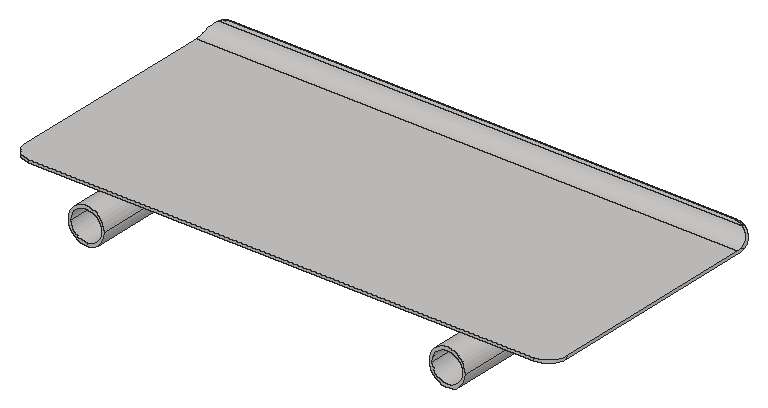
Revit family "DAN DRYER STAINLESS DESIGN 305", category Casework, host Wall, Revit 2018
Family settings
  Host = Wall
  OmniClass Number = 23.40.35.00
  OmniClass Title = Casework
  Always vertical = Yes
  Cut with Voids When Loaded = No
  Shared = No
  Room Calculation Point = No
Parameters (values of type "305")
  URL = "https://www.dandryer.com/Files/Billeder/PDF/Datablade/Nye/Data%20sheet%20DAN%20DRYER%20STAINLESS%20STEEL%20shelf%20305.pdf"
  Model = "Stainless Design - 305"
  Manufacturer = "Dan Dryer"
  Height Offset [instance] = 1300 mm
  Description = "Shelf"
Reference planes
  plane 1: y = 0
  plane 2 "Center (Left/Right)": x = 125
  plane 3 "Back": y = 75
Text (mm)
  text "Placement side" at (-1343.702, 674.496, 0), in view "Ref. Level"
  text "Placement side" at (0, 1232.041, 2958.779), in view "Left"
  text "Placement side" at (0, 590.385, 3035.99), in view "Right"
Dimensions and locks
  locked: plane 3 "Back" to host wall at 0
  aligned and locked: plane 1 to host wall
  aligned and locked: plane 2 "Center (Left/Right)" to nested 1
  aligned and locked: plane 3 "Back" to nested 1
Nested families
  nested 1: "Plate" at (125, 75, 1300), built-in parameter 1001364 <- "Height Offset", type "Plate"
Definition of nested family "Plate"
  Parameters (values of type "Plate")
    Stainless Steel Surface = none
    Default Elevation = 1100 mm
    Chrome plating = none
  Reference planes
    plane 1 "Center (Front/Back)": y = 0
    plane 2: z = 0
    plane 3 "Center (Left/Right)": x = 0
    plane 4: y = 150
    plane 5: y = 10
    plane 6: x = -150
    plane 7: x = 150
    plane 8 "left": x = -100
    plane 9 "right": x = 100
    plane 10: y = 90
    plane 11: y = 30
    plane 12: z = -13
  Forms (mm)
    Extrusion 1, void
      sketch origin (0, 148.59, 9.849) x (0, 0.34202, 0.939693) y (1, 0, 0)
        loop
          line (-53.236, -150) -> (-53.236, -164.86) -> (8.355, -164.86) -> (14.157, 167.52) -> (-53.236, 167.52) -> (-53.236, 150) -> (-10.49, 150)
          arc (-10.49, 150) -> (-3.419, 147.071) -> (-0.49, 140) r 10
          line (-0.49, 140) -> (-0.49, -140)
          arc (-0.49, -140) -> (-3.419, -147.071) -> (-10.49, -150) r 10
          line (-10.49, -150) -> (-53.236, -150)
      from -4.758 to 10
    Extrusion 2, solid, material <- "Stainless Steel Surface"
      sketch origin (0, 0, 0) x (0, 1, 0) y (0, 0, 1)
        loop
          line (10, 0) -> (138.651, 0)
          arc (138.651, 0) -> (145.248, 2.08) -> (149.458, 7.567) r 11.5
          line (149.458, 7.567) -> (150.837, 11.356) -> (149.427, 11.869) -> (148.048, 8.08)
          arc (148.048, 8.08) -> (144.387, 3.308) -> (138.651, 1.5) r 10
          line (138.651, 1.5) -> (10, 1.5) -> (10, 0)
      from 150 to -150
    Extrusion 3, void
      sketch origin (0, 0, 0) x (1, 0, 0) y (0, 1, 0)
        loop
          line (-150, 20) -> (-150, 10) -> (-140, 10)
          arc (-140, 10) -> (-147.071, 12.929) -> (-150, 20) r 10
        loop
          arc (150, 20) -> (147.071, 12.929) -> (140, 10) r 10
          line (140, 10) -> (150, 10) -> (150, 20)
      from 15 to 0
    Extrusion 4, solid, material <- "Stainless Steel Surface"
      sketch origin (0, 0, 0) x (1, 0, 0) y (0, 1, 0)
        loop
          line (-96, 92.309) -> (-100, 94.619) -> (-104, 92.309) -> (-104, 87.691) -> (-100, 85.381) -> (-96, 87.691) -> (-96, 92.309)
        loop
          line (104, 87.691) -> (104, 92.309) -> (100, 94.619) -> (96, 92.309) -> (96, 87.691) -> (100, 85.381) -> (104, 87.691)
        loop
          line (102.309, 34) -> (97.691, 34) -> (95.381, 30) -> (97.691, 26) -> (102.309, 26) -> (104.619, 30) -> (102.309, 34)
        loop
          line (-98.805, 34.461) -> (-103.266, 33.266) -> (-104.461, 28.805) -> (-101.195, 25.539) -> (-96.734, 26.734) -> (-95.539, 31.195) -> (-98.805, 34.461)
        loop
          circle (-100, 90) r 2.5
        loop
          circle (100, 90) r 2.5
        loop
          circle (100, 30) r 2.5
        loop
          circle (-100, 30) r 2.5
      from 0 to -3
    Extrusion 5, solid, material <- "Stainless Steel Surface"
      sketch origin (0, 0, 0) x (1, 0, 0) y (0, 0, 1)
        loop
          circle (-100, -13) r 10
        loop
          circle (-100, -13) r 8.5
        loop
          circle (100, -13) r 10
        loop
          circle (100, -13) r 8.5
      from 0 to -105
    Extrusion 6, void
      sketch origin (0, 0, 0) x (1, 0, 0) y (0, 1, 0)
        loop
          circle (-100, 30) r 5.5
        loop
          circle (-100, 90) r 5.5
        loop
          circle (100, 90) r 5.5
        loop
          circle (100, 30) r 5.5
      from -24 to -10
    Revolve 7, solid, material <- "Chrome plating"
      sketch origin (100, 0, 0) x (0, 1, 0) y (0, 0, 1)
        loop
          line (107.326, -13) -> (97.5, -13) -> (97.5, -21.5) -> (105, -21.5) -> (105, -23)
          arc (105, -23) -> (106.737, -18.133) -> (107.326, -13) r 22.66
        axis (107.326, -13) -> (97.5, -13)
      angle from 0 to 360
    Revolve 8, solid, material <- "Chrome plating"
      sketch origin (-100, 0, 22.265) x (0, 1, 0) y (0, 0, 1)
        loop
          line (107.326, -35.265) -> (97.5, -35.265) -> (97.5, -43.765) -> (105, -43.765) -> (105, -45.265)
          arc (105, -45.265) -> (106.737, -40.399) -> (107.326, -35.265) r 22.66
        axis (107.326, -35.265) -> (97.5, -35.265)
      angle from 0 to 360
  Cuts and joins
    Extrusion 1, Extrusion 3, Extrusion 6 cuts Extrusion 2
    Extrusion 6 cuts Extrusion 4
    Extrusion 6 cuts Extrusion 5
  Dimensions and locks
    plane 4 to plane 1 "Center (Front/Back)" = 150 mm
    aligned and locked: level to plane 2
